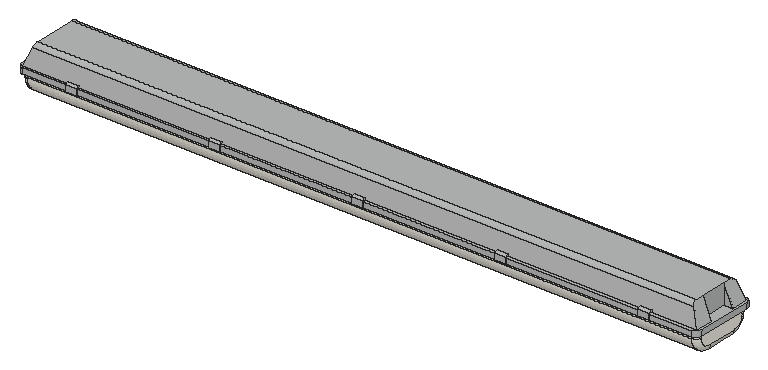
Revit family "SLIM", category Осветительные приборы, Revit 2019 (continued)
Types (5, lengths in mm): name | Файл фотометрической сетки | built-in parameter 1150142 | ADSK_Обозначение | ADSK_Наименование | ADSK_Код изделия
    \r\n1407.335 1402.838 1397.042 1392.745 1389.747 1383.551 1372.559 1360.767 1345.877 1327.689 1306.904 1284.219 1263.433 1243.247 1220.863 1195.680 1167.799 1137.720 \r\n1106.241 1070.866 1035.490 1000.414 961.840 922.667 880.496 836.426 794.255 755.482 718.907 685.030 649.954 614.079 574.306 530.236 485.567 441.597 396.728 353.158 312.386 274.012 \r\n237.837 205.459 177.378 153.495 133.708 118.119 106.927 96.934 88.339 80.145 73.150 66.754 61.158 56.062 51.565 47.368 43.770 40.172 36.875 33.777 25.982 23.584 21.385 19.587 17.788 16.089 \r\n14.590 13.191 11.992 10.793 9.593 7.695 5.796 3.897 1.899 0.000 \r\n1407.335 1402.838 1396.942 1392.245 1388.947 1382.252 1371.060 1358.968 1343.878 1325.491 1304.605 1281.821 1260.735 1240.149 1217.365 1191.883 1163.702 1133.323 \r\n1101.545 1065.969 1030.293 994.918 956.144 916.871 874.600 830.530 788.459 749.586 712.911 678.635 643.259 607.184 567.411 523.441 478.972 435.301 390.532 347.262 306.690 268.516 \r\n232.541 200.363 172.482 148.898 129.411 114.222 103.329 93.836 85.441 77.547 70.751 64.656 59.159 54.263 49.866 45.869 42.371 38.873 35.775 32.778 24.783 22.485 20.386 18.687 16.888 15.389 \r\n13.890 12.591 11.392 10.293 9.194 7.395 5.496 3.697 1.799 0.000 \r\n1407.335 1402.838 1396.842 1391.845 1388.048 1381.053 1369.561 1357.169 1341.880 1323.392 1302.407 1279.423 1258.037 1236.952 1213.867 1188.085 1159.505 1128.826 \r\n1096.848 1061.072 1025.197 989.521 950.348 910.975 868.604 824.535 782.663 743.690 706.915 672.339 636.663 600.288 560.516 516.646 472.376 428.906 384.236 341.366 300.994 263.020 \r\n227.244 195.266 167.685 144.301 125.114 110.224 99.832 90.638 82.543 74.949 68.453 62.457 57.261 52.464 48.267 44.370 40.972 37.574 34.576 31.678 23.584 21.385 19.487 17.788 16.089 14.590 \r\n13.191 11.992 10.893 9.793 8.794 6.995 5.296 3.498 1.799 0.000 \r\n1407.335 1402.838 1396.642 1391.446 1387.249 1379.854 1368.062 1355.470 1339.881 1321.194 1300.108 1277.124 1255.339 1233.854 1210.370 1184.288 1155.408 1124.429 \r\n1092.051 1056.176 1020.000 984.025 944.652 905.079 862.708 818.539 776.867 737.794 700.919 665.943 629.968 593.393 553.620 509.850 465.781 422.510 378.041 335.370 295.198 257.623 \r\n222.048 190.270 162.788 139.604 120.817 106.327 96.234 87.440 79.745 72.350 66.055 60.359 55.262 50.665 46.568 42.871 39.573 36.375 33.377 30.579 22.385 20.386 18.487 16.888 15.290 13.890 \r\n12.591 11.392 10.293 9.294 8.294 6.695 4.997 3.298 1.699 0.000 \r\n1407.335 1402.738 1396.542 1391.046 1386.349 1378.654 1366.563 1353.672 1337.982 1319.095 1297.910 1274.726 1252.741 1230.756 1206.872 1180.390 1151.210 1119.932 \r\n1087.354 1051.179 1014.804 978.529 938.956 899.283 856.812 812.643 770.971 731.898 694.823 659.548 623.372 586.598 546.625 503.155 459.285 416.215 371.845 329.474 289.501 252.127 \r\n216.751 185.173 157.892 135.007 116.520 102.330 92.736 84.242 76.847 69.752 63.756 58.160 53.263 48.866 44.969 41.372 38.174 35.076 32.278 29.580 21.285 19.287 17.488 15.989 14.490 13.191 \r\n11.892 10.793 9.793 8.794 7.895 6.296 4.697 3.198 1.599 0.000 \r\n1407.335 1402.738 1396.442 1390.546 1385.550 1377.455 1365.064 1351.873 1335.984 1316.897 1295.611 1272.327 1250.043 1227.558 1203.375 1176.593 1147.113 1115.435 \r\n1082.657 1046.282 1009.708 973.133 933.260 893.387 850.916 806.647 765.175 726.002 688.828 653.252 616.677 579.702 539.730 496.360 452.690 409.819 365.549 323.578 283.805 246.631 \r\n211.455 180.176 153.095 130.411 112.223 98.432 89.139 81.044 73.949 67.154 61.358 56.062 51.365 47.068 43.270 39.873 36.775 33.777 31.079 28.480 20.086 18.188 16.589 15.090 13.691 12.392 \r\n11.292 10.193 9.194 8.294 7.395 5.996 4.497 2.998 1.499 0.000 \r\n1407.335 1402.738 1396.342 1390.147 1384.750 1376.156 1363.465 1350.074 1333.985 1314.698 1293.413 1269.929 1247.345 1224.460 1199.877 1172.796 1143.016 1111.038 \r\n1077.961 1041.386 1004.511 967.636 927.564 887.591 844.921 800.751 759.379 720.106 682.832 646.856 610.082 572.807 532.835 489.564 446.094 403.423 359.354 317.582 278.109 241.135 \r\n206.259 175.080 148.198 125.714 107.926 94.435 85.641 77.847 71.051 64.556 58.960 53.863 49.366 45.269 41.671 38.374 35.376 32.478 29.880 27.481 18.887 17.088 15.589 14.190 12.891 11.692 \r\n10.593 9.593 8.694 7.795 6.995 5.596 4.197 2.798 1.399 0.000 \r\n1407.335 1402.738 1396.242 1389.747 1383.851 1374.957 1361.966 1348.375 1331.986 1312.600 1291.115 1267.531 1244.646 1221.262 1196.379 1168.998 1138.819 1106.541 \r\n1073.264 1036.489 999.315 962.140 921.868 881.695 839.025 794.755 753.483 714.310 676.736 640.461 603.486 565.912 525.939 482.769 439.499 397.128 353.158 311.686 272.413 235.638 \r\n200.962 170.083 143.402 121.117 103.629 90.438 82.144 74.649 68.253 61.958 56.661 51.764 47.368 43.570 39.973 36.775 33.977 31.179 28.780 26.382 17.688 16.089 14.590 13.391 12.092 10.992 \r\n9.893 8.994 8.194 7.395 6.595 5.296 3.897 2.598 1.299 0.000 \r\n1407.335 1402.738 1396.142 1389.247 1383.051 1373.758 1360.467 1346.576 1329.988 1310.401 1288.916 1265.232 1241.948 1218.165 1192.882 1165.201 1134.722 1102.044 \r\n1068.467 1031.493 994.118 956.744 916.172 875.799 833.129 788.759 747.687 708.414 670.740 634.165 596.791 559.017 519.044 476.073 432.903 390.732 346.862 305.790 266.717 230.242 \r\n195.666 164.987 138.505 116.520 99.332 86.541 78.546 71.451 65.355 59.359 54.263 49.566 45.469 41.771 38.374 35.276 32.578 29.979 27.581 25.283 16.489 14.990 13.591 12.491 11.292 10.193 \r\n9.294 8.394 7.595 6.895 6.096 4.897 3.697 2.398 1.199 0.000 \r\n1407.335 1402.738 1396.043 1388.847 1382.152 1372.559 1358.968 1344.778 1327.989 1308.203 1286.618 1262.834 1239.350 1214.967 1189.384 1161.403 1130.525 1097.647 \r\n1063.770 1026.596 989.022 951.248 910.376 870.003 827.233 782.863 741.891 702.518 664.744 627.769 590.195 552.221 512.049 469.278 426.408 384.336 340.666 299.894 261.021 224.746 \r\n190.469 159.890 133.708 111.823 95.035 82.543 75.049 68.253 62.457 56.761 51.964 47.467 43.470 39.973 36.775 33.777 31.179 28.680 26.382 24.283 15.389 13.890 12.691 11.592 10.493 9.493 \r\n8.594 7.795 7.095 6.396 5.696 4.597 3.398 2.298 1.099 0.000 \r\n1407.335 1402.638 1395.843 1388.448 1381.353 1371.260 1357.469 1343.079 1325.991 1306.104 1284.419 1260.436 1236.652 1211.869 1185.887 1157.606 1126.427 1093.150 \r\n1059.074 1021.699 983.825 945.851 904.680 864.107 821.337 776.867 736.095 696.622 658.748 621.374 583.500 545.326 505.154 462.483 419.812 378.041 334.471 293.898 255.325 219.250 \r\n185.173 154.894 128.812 107.226 90.738 78.646 71.451 65.155 59.659 54.163 49.566 45.369 41.571 38.174 35.076 32.278 29.780 27.381 25.183 23.184 14.190 12.791 11.692 10.693 9.693 8.794 7.995 \r\n7.195 6.496 5.896 5.296 4.197 3.198 2.099 0.999 0.000 \r\n1407.335 1402.638 1395.743 1388.048 1380.553 1370.060 1355.970 1341.280 1323.992 1303.906 1282.121 1258.037 1233.954 1208.771 1182.389 1153.809 1122.230 1088.753 \r\n1054.377 1016.703 978.629 940.355 898.983 858.211 815.341 770.871 730.199 690.726 652.652 615.078 576.904 538.431 498.258 455.687 413.217 371.645 328.175 288.002 249.629 213.753 \r\n179.877 149.797 124.015 102.630 86.441 74.649 67.953 61.958 56.761 51.565 47.168 43.170 39.573 36.375 33.377 30.779 28.381 26.082 24.083 22.185 12.991 11.792 10.693 9.793 8.894 7.995 7.295 \r\n6.595 5.996 5.396 4.797 3.897 2.898 1.899 0.999 0.000 \r\n1407.335 1402.638 1395.643 1387.548 1379.654 1368.861 1354.471 1339.481 1322.093 1301.707 1279.922 1255.739 1231.256 1205.573 1178.991 1150.011 1118.133 1084.256 \r\n1049.680 1011.806 973.532 934.859 893.287 852.415 809.445 764.975 724.403 684.830 646.656 608.683 570.209 531.535 491.363 448.892 406.621 365.249 321.979 282.107 243.933 208.257 \r\n174.580 144.801 119.118 97.933 82.144 70.751 64.356 58.760 53.863 48.966 44.869 41.072 37.574 34.576 31.778 29.280 26.981 24.883 22.884 21.086 11.792 10.693 9.693 8.894 8.094 7.295 6.595 \r\n5.996 5.396 4.897 4.397 3.498 2.598 1.799 0.899 0.000 \r\n1407.335 1402.638 1395.543 1387.149 1378.854 1367.662 1352.972 1337.683 1320.095 1299.609 1277.624 1253.340 1228.657 1202.475 1175.494 1146.214 1113.936 1079.759 \r\n1044.883 1006.909 968.336 929.463 887.591 846.519 803.549 758.979 718.607 678.934 640.661 602.387 563.613 524.640 484.468 442.197 400.026 358.954 315.783 276.211 238.237 202.861 \r\n169.384 139.704 114.322 93.336 77.847 66.754 60.858 55.562 50.965 46.368 42.471 38.873 35.676 32.778 30.179 27.781 25.582 23.584 21.785 19.986 10.593 9.593 8.794 7.995 7.295 6.595 5.996 5.396 \r\n4.897 4.397 3.897 3.198 2.398 1.599 0.799 0.000 \r\n1407.335 1402.638 1395.443 1386.749 1378.055 1366.463 1351.473 1335.984 1318.096 1297.410 1275.425 1250.942 1225.959 1199.277 1171.996 1142.416 1109.839 1075.362 \r\n1040.187 1002.013 963.139 923.966 881.795 840.623 797.653 753.084 712.711 673.138 634.565 595.991 557.018 517.745 477.473 435.401 393.530 352.558 309.488 270.215 232.441 197.365 \r\n164.087 134.708 109.425 88.739 73.550 62.757 57.361 52.364 48.167 43.770 40.172 36.775 33.677 30.979 28.480 26.182 24.183 22.285 20.586 18.987 9.394 8.594 7.795 7.095 6.396 5.796 5.296 4.797 \r\n4.397 3.897 3.498 2.798 2.099 1.399 0.700 0.000 \r\n1407.335 1402.638 1395.343 1386.249 1377.155 1365.164 1349.974 1334.185 1316.097 1295.212 1273.127 1248.544 1223.261 1196.180 1168.499 1138.619 1105.642 1070.866 \r\n1035.490 997.016 957.943 918.470 876.099 834.827 791.657 747.088 706.915 667.242 628.569 589.596 550.323 510.850 470.577 428.606 386.935 346.163 303.292 264.319 226.744 191.868 \r\n158.791 129.611 104.528 84.142 69.253 58.860 53.763 49.166 45.269 41.172 37.774 34.576 31.778 29.180 26.882 24.683 22.784 20.986 19.387 17.888 8.294 7.495 6.795 6.196 5.596 5.097 4.597 4.197 \r\n3.797 3.398 3.098 2.398 1.799 1.199 0.600 0.000 \r\n1407.335 1402.638 1395.243 1385.850 1376.356 1363.965 1348.475 1332.386 1314.099 1293.113 1270.928 1246.245 1220.563 1193.082 1165.001 1134.822 1101.545 1066.469 \r\n1030.793 992.120 952.846 913.074 870.403 828.931 785.761 741.092 701.119 661.346 622.573 583.300 543.727 504.054 463.682 421.811 380.339 339.767 297.096 258.423 221.048 186.372 \r\n153.595 124.515 99.732 79.446 64.955 54.862 50.266 45.968 42.371 38.574 35.376 32.478 29.780 27.381 25.183 23.184 21.385 19.786 18.188 16.788 7.095 6.396 5.796 5.296 4.797 4.397 3.997 3.598 \r\n3.298 2.898 2.598 2.099 1.599 0.999 0.500 0.000 \r\n1407.335 1402.638 1395.043 1385.450 1375.457 1362.765 1346.876 1330.587 1312.100 1290.915 1268.730 1243.847 1217.865 1189.884 1161.503 1131.024 1097.447 1061.972 \r\n1026.096 987.223 947.650 907.578 864.707 823.036 779.865 735.196 695.323 655.450 616.577 576.904 537.032 497.159 456.787 415.115 373.744 333.471 290.801 252.427 215.352 180.876 \r\n148.298 119.518 94.835 74.849 60.658 50.965 46.668 42.771 39.573 35.975 33.077 30.279 27.781 25.582 23.584 21.685 20.086 18.487 17.088 15.789 5.896 5.396 4.897 4.397 3.997 3.598 3.298 2.998 \r\n2.698 2.398 2.198 1.799 1.299 0.899 0.400 0.000 \r\n1407.335 1402.538 1394.943 1385.050 1374.657 1361.566 1345.377 1328.889 1310.101 1288.716 1266.431 1241.449 1215.267 1186.786 1158.006 1127.227 1093.250 1057.475 \r\n1021.300 982.326 942.454 902.181 859.011 817.240 773.969 729.200 689.427 649.555 610.481 570.509 530.436 490.264 449.792 408.320 367.148 327.076 284.605 246.531 209.656 175.480 \r\n143.002 114.422 90.038 70.252 56.361 46.968 43.170 39.573 36.675 33.377 30.679 28.181 25.882 23.784 21.885 20.186 18.687 17.188 15.889 14.690 4.697 4.297 3.897 3.598 3.198 2.898 2.598 2.398 \r\n2.198 1.999 1.799 1.399 0.999 0.700 0.400 0.000 \r\n1407.335 1402.538 1394.843 1384.550 1373.858 1360.267 1343.878 1327.090 1308.103 1286.618 1264.233 1239.050 1212.568 1183.588 1154.508 1123.430 1089.153 1053.078 \r\n1016.603 977.330 937.257 896.685 853.315 811.344 768.073 723.304 683.631 643.659 604.485 564.213 523.741 483.368 442.896 401.525 360.553 320.680 278.409 240.635 203.960 169.983 \r\n137.805 109.425 85.142 65.555 52.064 42.971 39.573 36.375 33.777 30.779 28.381 25.982 23.884 21.985 20.286 18.687 17.288 15.889 14.790 13.591 3.498 3.198 2.898 2.698 2.398 2.198 1.999 1.799 \r\n1.599 1.499 1.299 0.999 0.799 0.500 0.300 0.000 \r\n1407.335 1402.538 1394.743 1384.151 1372.958 1359.068 1342.379 1325.291 1306.104 1284.419 1261.935 1236.752 1209.870 1180.490 1151.011 1119.632 1084.956 1048.581 \r\n1011.906 972.433 932.161 891.189 847.619 805.548 762.077 717.308 677.835 637.763 598.490 557.817 517.145 476.473 436.001 394.729 354.057 314.384 272.113 234.739 198.264 164.487 \r\n132.509 104.328 80.345 60.958 47.767 39.073 36.075 33.177 30.879 28.181 25.982 23.884 21.985 20.186 18.587 17.188 15.889 14.690 13.591 12.591 2.398 2.099 1.999 1.799 1.599 1.499 1.299 1.199 \r\n1.099 0.999 0.899 0.700 0.500 0.400 0.200 0.000 \r\n1407.335 1402.538 1394.643 1383.751 1372.159 1357.869 1340.880 1323.492 1304.106 1282.321 1259.736 1234.353 1207.172 1177.392 1147.513 1115.835 1080.859 1044.084 \r\n1007.209 967.536 926.964 885.792 841.823 799.652 756.181 711.312 671.939 631.967 592.394 551.422 510.450 469.578 429.106 388.034 347.462 307.989 265.918 228.743 192.568 158.991 \r\n127.213 99.332 75.448 56.361 43.470 35.076 32.478 30.079 28.081 25.582 23.584 21.685 19.986 18.387 16.988 15.589 14.490 13.391 12.392 11.492 1.199 1.099 0.999 0.899 0.799 0.700 0.700 0.600 \r\n0.500 0.500 0.400 0.400 0.300 0.200 0.100 0.000 \r\n1407.335 1402.538 1394.544 1383.251 1371.260 1356.670 1339.381 1321.793 1302.107 1280.122 1257.438 1231.955 1204.474 1174.195 1144.015 1112.037 1076.662 1039.687 \r\n1002.512 962.540 921.768 880.296 836.127 793.756 750.285 705.416 666.143 626.071 586.398 545.126 503.854 462.683 422.110 381.239 340.866 301.593 259.722 222.847 186.872 153.595 \r\n122.016 94.235 70.552 51.665 39.173 31.179 28.980 26.882 25.183 22.984 21.285 19.587 17.988 16.589 15.290 14.090 13.091 12.092 11.192 10.393 0.000 0.000 0.000 0.000 0.000 0.000 0.000 0.000 0.000 \r\n0.000 0.000 0.000 0.000 0.000 0.000 0.000 \r\n1407.335 1402.538 1394.643 1383.751 1372.159 1357.869 1340.880 1323.492 1304.106 1282.321 1259.736 1234.353 1207.172 1177.392 1147.513 1115.835 1080.859 1044.084 \r\n1007.209 967.536 926.964 885.792 841.823 799.652 756.181 711.312 671.939 631.967 592.394 551.422 510.450 469.578 429.106 388.034 347.462 307.989 265.918 228.743 192.568 158.991 \r\n127.213 99.332 75.448 56.361 43.470 35.076 32.478 30.079 28.081 25.582 23.584 21.685 19.986 18.387 16.988 15.589 14.490 13.391 12.392 11.492 1.199 1.099 0.999 0.899 0.799 0.700 0.700 0.600 \r\n0.500 0.500 0.400 0.400 0.300 0.200 0.100 0.000 \r\n1407.335 1402.538 1394.743 1384.151 1372.958 1359.068 1342.379 1325.291 1306.104 1284.419 1261.935 1236.752 1209.870 1180.490 1151.011 1119.632 1084.956 1048.581 \r\n1011.906 972.433 932.161 891.189 847.619 805.548 762.077 717.308 677.835 637.763 598.490 557.817 517.145 476.473 436.001 394.729 354.057 314.384 272.113 234.739 198.264 164.487 \r\n132.509 104.328 80.345 60.958 47.767 39.073 36.075 33.177 30.879 28.181 25.982 23.884 21.985 20.186 18.587 17.188 15.889 14.690 13.591 12.591 2.398 2.099 1.999 1.799 1.599 1.499 1.299 1.199 \r\n1.099 0.999 0.899 0.700 0.500 0.400 0.200 0.000 \r\n1407.335 1402.538 1394.843 1384.550 1373.858 1360.267 1343.878 1327.090 1308.103 1286.618 1264.233 1239.050 1212.568 1183.588 1154.508 1123.430 1089.153 1053.078 \r\n1016.603 977.330 937.257 896.685 853.315 811.344 768.073 723.304 683.631 643.659 604.485 564.213 523.741 483.368 442.896 401.525 360.553 320.680 278.409 240.635 203.960 169.983 \r\n137.805 109.425 85.142 65.555 52.064 42.971 39.573 36.375 33.777 30.779 28.381 25.982 23.884 21.985 20.286 18.687 17.288 15.889 14.790 13.591 3.498 3.198 2.898 2.698 2.398 2.198 1.999 1.799 \r\n1.599 1.499 1.299 0.999 0.799 0.500 0.300 0.000 \r\n1407.335 1402.538 1394.943 1385.050 1374.657 1361.566 1345.377 1328.889 1310.101 1288.716 1266.431 1241.449 1215.267 1186.786 1158.006 1127.227 1093.250 1057.475 \r\n1021.300 982.326 942.454 902.181 859.011 817.240 773.969 729.200 689.427 649.555 610.481 570.509 530.436 490.264 449.792 408.320 367.148 327.076 284.605 246.531 209.656 175.480 \r\n143.002 114.422 90.038 70.252 56.361 46.968 43.170 39.573 36.675 33.377 30.679 28.181 25.882 23.784 21.885 20.186 18.687 17.188 15.889 14.690 4.697 4.297 3.897 3.598 3.198 2.898 2.598 2.398 \r\n2.198 1.999 1.799 1.399 0.999 0.700 0.400 0.000 \r\n1407.335 1402.638 1395.043 1385.450 1375.457 1362.76
